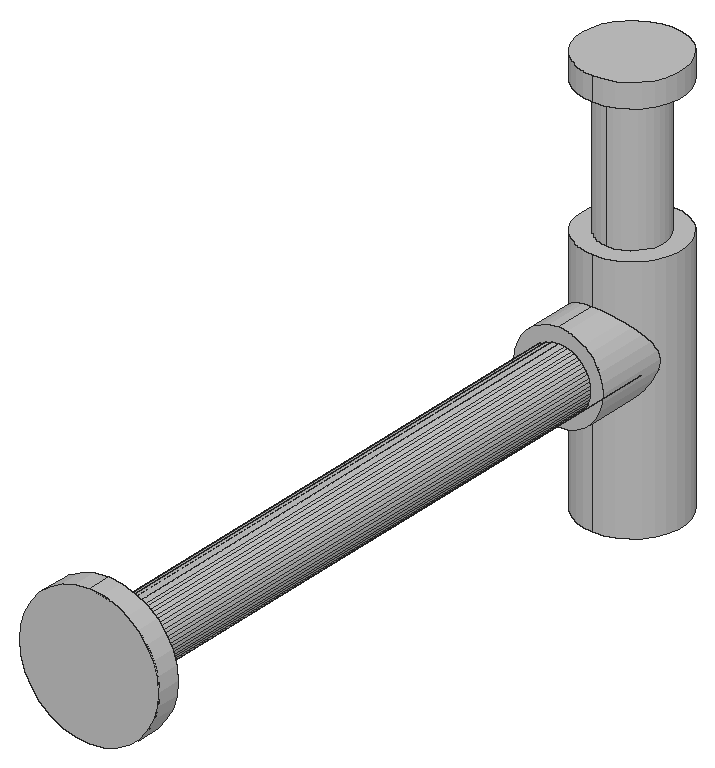
Revit family "PGR_Noken_SntryApplncTrps_Rondo", category Plumbing Fixtures, host Wall, Revit 2017
Family settings
  Host = Wall
  Round Connector Dimension = Use Diameter
  Part Type = Normal
  OmniClass Number = 23.45.55.11
  OmniClass Title = Sanitary Components
  Always vertical = Yes
  Cut with Voids When Loaded = No
  Shared = Yes
  Room Calculation Point = No
Parameters (values of type "Rondo-100067431")
  WaterInlet = "G 1-1/4\""
  WasteTrapType = "UNSET"
  WarrantyStartDate [instance] = "1900-12-31T23:59:59"
  WarrantyGuarantorParts = "bim.gp@porcelanosagrupo.com"
  WarrantyGuarantorLabor = "n/a"
  WarrantyDurationUnit = "year"
  WarrantyDurationParts = "n/a"
  WarrantyDurationLabor = "n/a"
  WarrantyDescription = "See ProductInformation for technical PDF"
  WFU = 1
  Version = "1"
  Uniclass2015Version = "V1_8"
  Uniclass2015Title = "Sanitary appliance traps"
  Uniclass2015Code = "Pr_65_52_25_75"
  URL = "www.noken.com"
  TechnicalDrawing = "See ProductInformation for technical PDF"
  TagNumber [instance] = "n/a"
  SustainabilityPerformance = "See ProductInformation for technical PDF"
  Status = "UNSET"
  Size = "65x330-380x145-255 mm"
  Shape = "n/a"
  SerialNumber [instance] = "n/a"
  Revision = "n/a"
  ReplacementCost = "n/a"
  Reference = "-"
  ProductInformation = "http://calidad.info-grupo.com:8081/GeneraFicha3/PDF?articulo=100067431&lang=EN&un=0"
  OutletConnectionSize = 32.00 mm
  NumberOfConnections = 2
  NominalWidth = 65.00 mm
  NominalLengthRange = "330-380"
  NominalLength = 380.00 mm
  NominalHeightRange = "145-255"
  NominalHeight = 255.00 mm
  NettWeight = 0.9
  Name = "SanitaryApplianceTraps_Rondo_Chrome-65x330-380x145-255mm-100067431"
  Offset [instance] = if(LengthTrap < 330.00 mm, 330.00 mm, if(LengthTrap > 380.00 mm, 380.00 mm, LengthTrap))  # 330.00 mm
  MaterialMetal = PGR_Noken_Brass_Chrome
  LengthTrap [instance] = 200.00 mm
  InletConnectionSize = 40.00 mm
  HeightTrap [instance] = 300.00 mm
  ConnectorHeight2 [instance] = if(HeightTrap < 145.00 mm, 21.00 mm, if(HeightTrap > 255.00 mm, 81.00 mm, (HeightTrap - 125.00 mm)))  # 81.00 mm
  NBSReference = "90-10-60/410"
  NBSDescription = "Sanitary appliance traps"
  ModelReference = "RONDO BOTTLE TRAP"
  ModelNumber = "100067431"
  Model = "100067431"
  Type Image = 100067431.jpg
  Height [instance] = 1000.00 mm
  Material = "Brass"
  ManufacturerURL = "www.noken.com"
  Manufacturer = "bim.gp@porcelanosagrupo.com"
  InstallationDate [instance] = "1900-12-31T23:59:59"
  IfcExportType = "WasteTrap"
  IfcExportAs = "IfcWasteTerminalType"
  Grade = "n/a"
  Finish = "Chrome plated"
  Features = "See ProductInformation for technical PDF"
  ExpectedLife = "n/a"
  DurationUnit = "year"
  Description = "Rondo Bottle trap. UK size 35 mm diameter. Material brass, finish chrome plated, nominal length 330-380 mm, nominal width 65 mm, nominal height 145-255 mm, net product weight 0,9 kg . Normative UNE EN 274"
  CreationDate = "2018/01"
  Constituents = "n/a"
  Color = "Chrome"
  Collection = "Rondo"
  CodePerformance = "EN 274"
  Category = "Pr_65_52_25_75: Sanitary appliance traps"
  BarCode [instance] = "n/a"
  BIMObjectName = "PGR_Noken_SanitaryApplianceTraps_Rondo_Chrome-65x330-380x145-255mm-100067431"
  Author = "Porcelanosa Grupo"
  AssetType = "Fixed"
  AssetIdentifier [instance] = "n/a"
  ApplicationType = "Basin"
  AccessibilityPerformance = "SeeProductInformation for technical PDF"
Reference planes
  plane 1 "Wall": y = 0
  plane 2: z = 0
  plane 3 "Back": y = 76.2
  plane 4: y = 88.2
  plane 5: y = 371.881
  plane 6 "Right": x = 399.507
  plane 7: z = 988
  plane 8: z = 919
  plane 9: z = 895.793
  plane 10: z = 850.793
  plane 11 "Bottom": z = 794
  plane 12 "Top": z = 1000
  plane 13: y = 408.881
  plane 14 "Center Inlet": y = 418.2
  plane 15 "Front": y = 443.2
  plane 16: y = 393.2
  plane 17 "Center (Left/Right)": x = 364.507
  plane 18 "Left": x = 329.507
Forms (mm)
  Extrusion 1, solid, material "PGR_Noken_Brass_Chrome" <- "MaterialMetal", detail levels medium+fine
    sketch origin (-1161.24, 301.948, 315) x (1, 0, 0) y (0, 1, 0)
      loop
        circle (1525.747, 116.252) r 25
    from 479 to 604
  Extrusion 2, solid, material "PGR_Noken_Brass_Chrome" <- "MaterialMetal", detail levels medium+fine
    sketch origin (-1161.24, 301.948, 315) x (1, 0, 0) y (0, 1, 0)
      loop
        circle (1525.747, 116.252) r 15.875
    from 604 to 673
  Extrusion 3, solid, material "PGR_Noken_Brass_Chrome" <- "MaterialMetal", detail levels medium+fine
    sketch origin (-1161.24, 301.948, 315) x (1, 0, 0) y (0, 1, 0)
      loop
        circle (1525.747, 116.252) r 25
    from 685 to 673
  Extrusion 4, solid, material "PGR_Noken_Brass_Chrome" <- "MaterialMetal", detail levels medium+fine
    sketch origin (364.507, 76.2, 693.601) x (0, 0, -1) y (1, 0, 0)
      loop
        circle (-179, 0) r 15.875
    from -295.681 to -12
  Extrusion 5, solid, material "PGR_Noken_Brass_Chrome" <- "MaterialMetal", detail levels medium+fine
    sketch origin (364.507, 124.377, 394.293) x (0, 0, -1) y (1, 0, 0)
      loop
        circle (-479, 0) r 22.5
    from -284.504 to -247.504
  Extrusion 6, solid, material "PGR_Noken_Brass_Chrome" <- "MaterialMetal"
    sketch origin (364.507, 76.2, 693.601) x (0, 0, -1) y (1, 0, 0)
      loop
        circle (-179, 0) r 35
    from -12 to 0
  Extrusion 7, solid, material "PGR_Noken_Brass_Chrome" <- "MaterialMetal", detail levels coarse+fine
    sketch origin (364.507, 76.2, 1213.171) x (0, 0, -1) y (1, 0, 0)
      loop
        circle (340.57, 0) r 15.875
    from -332.681 to -12
  Extrusion 8, solid, material "PGR_Noken_Brass_Chrome" <- "MaterialMetal", detail levels coarse
    sketch origin (-1161.24, 301.948, 794) x (0, 1, 0) y (1, 0, 0)
      loop
        circle (116.252, 1525.747) r 25
    from 0 to -206
Lines and regions (mm)
  Masking region 1, detail levels fine
    outline origin (399.507, 0, 0) x (0, -1, 0) y (0, 0, 1)
      loop
        line (-76.2, 907.601) -> (-88.2, 907.601) -> (-88.2, 888.476) -> (-371.881, 888.476) -> (-371.881, 895.793) -> (-393.2, 895.793) -> (-393.2, 919) -> (-402.325, 919) -> (-402.325, 988) -> (-393.2, 988) -> (-393.2, 1000) -> (-443.2, 1000) -> (-443.2, 988) -> (-434.075, 988) -> (-434.075, 919) -> (-443.2, 919) -> (-443.2, 794) -> (-393.2, 794) -> (-393.2, 850.793) -> (-371.881, 850.793) -> (-371.881, 856.682) -> (-88.2, 856.682) -> (-88.2, 837.601) -> (-76.2, 837.601) -> (-76.2, 907.601)
  Masking region 2, detail levels coarse+medium
    outline origin (-1524, 76.2, 0) x (-1, 0, 0) y (0, 0, 1)
      loop
        line (-1913.507, 1000) -> (-1913.507, 897.096)
        arc (-1913.507, 897.096) -> (-1923.507, 872.601) -> (-1913.507, 848.106) r 35
        line (-1913.507, 848.106) -> (-1913.507, 794) -> (-1863.507, 794) -> (-1863.507, 848.106)
        arc (-1863.507, 848.106) -> (-1853.507, 872.601) -> (-1863.507, 897.096) r 35
        line (-1863.507, 897.096) -> (-1863.507, 1000) -> (-1913.507, 1000)
  Masking region 3, detail levels fine
    outline origin (-1524, 76.2, 0) x (-1, 0, 0) y (0, 0, 1)
      loop
        line (-1913.507, 988) -> (-1903.507, 988) -> (-1903.507, 919) -> (-1913.507, 919) -> (-1913.507, 897.096)
        arc (-1913.507, 897.096) -> (-1923.507, 872.601) -> (-1913.507, 848.106) r 35
        line (-1913.507, 848.106) -> (-1913.507, 794) -> (-1863.507, 794) -> (-1863.507, 848.106)
        arc (-1863.507, 848.106) -> (-1853.507, 872.601) -> (-1863.507, 897.096) r 35
        line (-1863.507, 897.096) -> (-1863.507, 919) -> (-1873.507, 919) -> (-1873.507, 988) -> (-1863.507, 988) -> (-1863.507, 1000) -> (-1913.507, 1000) -> (-1913.507, 988)
  Masking region 4, detail levels coarse+medium
    outline origin (0, 0, 0) x (0, 1, 0) y (-1, 0, 0)
      loop
        line (76.2, -348.612) -> (76.2, -380.009) -> (398.587, -380.009)
        arc (398.587, -380.009) -> (426.406, -388.122) -> (443.2, -364.507) r 25
        arc (443.2, -364.507) -> (426.644, -340.976) -> (398.904, -348.612) r 25
        line (398.904, -348.612) -> (76.2, -348.612)
  Masking region 5, detail levels fine
    outline origin (0, 0, 0) x (0, 1, 0) y (-1, 0, 0)
      loop
        line (371.881, -348.612) -> (88.2, -348.612) -> (88.2, -329.507) -> (76.2, -329.507) -> (76.2, -399.507) -> (88.2, -399.507) -> (88.2, -380.009) -> (371.881, -380.009) -> (371.881, -387.007) -> (407.303, -387.007)
        arc (407.303, -387.007) -> (431.477, -385.69) -> (443.2, -364.507) r 25
        arc (443.2, -364.507) -> (431.477, -343.324) -> (407.303, -342.007) r 25
        line (407.303, -342.007) -> (371.881, -342.007) -> (371.881, -348.612)
  Masking region 6, detail levels coarse+medium
    outline origin (399.507, 0, 0) x (0, -1, 0) y (0, 0, 1)
      loop
        line (-76.2, 888.476) -> (-393.2, 888.476) -> (-393.2, 1000) -> (-443.2, 1000) -> (-443.2, 794) -> (-393.2, 794) -> (-393.2, 856.682) -> (-76.2, 856.682) -> (-76.2, 888.476)
  symbolic lines, detail levels fine
    curve 1: line (399.507, 402.325, 988) -> (399.507, 434.075, 988)
    curve 2: line (399.507, 402.325, 919) -> (399.507, 434.075, 919)
    curve 3: line (399.507, 393.2, 895.793) -> (399.507, 393.2, 856.682)
    curve 4: line (399.507, 393.2, 856.682) -> (399.507, 393.2, 850.793)
    curve 5: line (399.507, 371.881, 888.476) -> (399.507, 371.881, 856.726)
    curve 6: line (399.507, 88.2, 888.476) -> (399.507, 88.2, 856.726)
    curve 9: line (379.507, 76.2, 919) -> (348.632, 76.2, 919)
    curve 10: line (379.507, 76.2, 988) -> (349.507, 76.2, 988)
    curve 13: arc (387.007, 407.303, 0) -> (364.27, 393.201, 0) -> (341.805, 407.731, 0) r 25
    curve 14: line (380.009, 371.881, 0) -> (348.612, 371.881, 0)
    curve 15: line (348.612, 88.2, 0) -> (380.009, 88.2, 0)
  symbolic lines
    curve 7: line (389.507, 76.2, 848.106) -> (389.507, 76.2, 897.096)
    curve 8: line (339.507, 76.2, 897.096) -> (339.507, 76.2, 848.106)
  symbolic lines, detail levels coarse+medium
    curve 11: arc (364.507, 393.2, 0) -> (339.507, 418.2, 0) -> (364.507, 443.2, 0) r 25
    curve 12: arc (364.507, 443.2, 0) -> (389.507, 418.2, 0) -> (364.507, 393.2, 0) r 25
  model lines, style "InvisibleLines"
    curve 16: line (364.507, 393.2, 1000) -> (364.507, 443.2, 1000)
    curve 17: line (389.507, 418.2, 1000) -> (339.507, 418.2, 1000)
Text (mm)
  text "Interior" at (0, 1019.848, 3124.603), in view "Derecha"
  text "Interior" at (0, 1206.291, 3571.227), in view "Izquierda"
Dimensions and locks
  locked: plane 3 "Back" to plane 4 at 12
  plane 11 "Bottom" to plane 10 to plane 9 to plane 8 = 56.793 mm, 45.00 mm locked, 23.207 mm locked
  "Height": level to plane 12 "Top"
  locked: plane 7 to plane 12 "Top" at 12
  locked: plane 5 to plane 13 at 37
  plane 16 to plane 13 to plane 14 "Center Inlet" to plane 15 "Front" = 15.681 mm locked, 9.319 mm locked, 25.00 mm locked
  "ConnectorHeight2": plane 8 to plane 12 "Top"
  "Offset": plane 14 "Center Inlet" to plane 4
  equal spacing: plane 18 "Left", plane 17 "Center (Left/Right)", plane 6 "Right"
  locked: plane 18 "Left" to plane 6 "Right" at 70
  diameter of Extrusion 6 sketch curve = 70.00 mm
  aligned and locked: plane 3 "Back" to host wall
  aligned and locked: Extrusion 6 to host wall
  aligned and locked: Extrusion 5 to Extrusion 7
  aligned and locked: Extrusion 4 to Extrusion 5
  aligned and locked: Extrusion 4 to Extrusion 6
  aligned and locked: Extrusion 7 to Extrusion 4
  aligned and locked: plane 5 to Extrusion 5
  aligned and locked: Extrusion 6 to Extrusion 7
  aligned and locked: plane 3 "Back" to Extrusion 6
  aligned and locked: Extrusion 6 to plane 4
  aligned and locked: Masking region 4 sketch curve to host wall
  aligned and locked: plane 4 to curve 15
  aligned and locked: Extrusion 4 to plane 5
  aligned and locked: Extrusion 1 to plane 8
  aligned and locked: plane 9 to Masking region 1
  aligned and locked: Masking region 1 to plane 10
  aligned and locked: Extrusion 2 to plane 7
  aligned and locked: plane 8 to Extrusion 2
  aligned and locked: plane 11 "Bottom" to Extrusion 1
  aligned and locked: plane 11 "Bottom" to Extrusion 8
  aligned and locked: Extrusion 7 sketch curve to Extrusion 4  (x2)
  aligned and locked: Extrusion 3 to Extrusion 2
  aligned and locked: Extrusion 8 to Extrusion 3
  aligned and locked: Extrusion 5 to plane 13
  aligned and locked: plane 7 to curve 1
  aligned and locked: Extrusion 2 to plane 8
  aligned and locked: plane 12 "Top" to Extrusion 8
  aligned and locked: curve 17 to plane 14 "Center Inlet"
  aligned and locked: plane 16 to curve 16
  aligned and locked: plane 15 "Front" to curve 16
  aligned and locked: Masking region 6 sketch curve to host wall
  aligned and locked: Masking region 6 sketch curve to plane 12 "Top"
  aligned and locked: Masking region 6 sketch curve to plane 11 "Bottom"
  aligned and locked: plane 2 to level
Automatic sketch dimensions
  Extrusion 1 sketch curve to Extrusion 1 sketch curve = 25.00 mm
  Extrusion 2 sketch curve to Extrusion 2 sketch curve = 15.875 mm
  Extrusion 3 sketch curve to Extrusion 3 sketch curve = 25.00 mm
  Extrusion 4 sketch curve to Extrusion 4 sketch curve = 15.875 mm
  Extrusion 5 sketch curve to Extrusion 5 sketch curve = 22.50 mm
  Masking region 1 sketch curve to plane 5 = 0.00 mm  (x2)
  Masking region 1 sketch curve to plane 4 = 0.00 mm  (x2)
  Masking region 1 sketch curve to host wall = 0.00 mm
  Masking region 1 sketch curve to Masking region 1 sketch curve = 21.319 mm  (x2)
  Masking region 1 sketch curve to plane 5 = 21.319 mm
  Masking region 1 sketch curve to Masking region 1 sketch curve = 9.125 mm  (x2)
  Masking region 1 sketch curve to Masking region 1 sketch curve = 40.875 mm  (x2)
  Masking region 1 sketch curve to Masking region 1 sketch curve = 31.794 mm
  Masking region 1 sketch curve to Masking region 1 sketch curve = 5.89 mm
  Masking region 1 sketch curve to Masking region 1 sketch curve = 19.081 mm
  Masking region 1 sketch curve to Masking region 1 sketch curve = 56.793 mm
  curve 5 to plane 5 = 0.00 mm
  curve 6 to plane 4 = 0.00 mm
  curve 4 to plane 5 = 21.319 mm
  curve 1 to plane 5 = 30.444 mm
  curve 2 to curve 3 = 9.125 mm
  curve 2 to curve 2 = 31.75 mm
  curve 1 to curve 1 = 31.75 mm
  curve 3 to curve 5 = 0.044 mm
  curve 6 to curve 6 = 31.75 mm
  curve 4 to curve 3 = 5.89 mm
  plane 6 "Right" to Masking region 2 sketch curve = 10.00 mm  (x2)
  Masking region 2 sketch curve to Masking region 2 sketch curve = 50.00 mm  (x2)
  Masking region 2 sketch curve to Masking region 2 sketch curve = 0.00 mm  (x2)
  Masking region 2 sketch curve to Masking region 2 sketch curve = 25.00 mm
  Masking region 3 sketch curve to Masking region 3 sketch curve = 10.00 mm  (x3)
  plane 6 "Right" to Masking region 3 sketch curve = 10.00 mm  (x3)
  Masking region 3 sketch curve to Masking region 3 sketch curve = 30.00 mm
  Masking region 3 sketch curve to Masking region 3 sketch curve = 25.00 mm  (x2)
  Masking region 3 sketch curve to Masking region 3 sketch curve = 0.00 mm  (x2)
  plane 6 "Right" to curve 7 = 10.00 mm
  plane 6 "Right" to curve 10 = 20.00 mm
  plane 6 "Right" to curve 9 = 20.00 mm
  curve 10 to curve 10 = 30.00 mm
  curve 9 to curve 9 = 30.875 mm
  curve 7 to curve 8 = 50.00 mm
  plane 6 "Right" to Masking region 4 sketch curve = 19.498 mm
  Masking region 4 sketch curve to Masking region 4 sketch curve = 0.00 mm  (x3)
  Masking region 4 sketch curve to plane 5 = 26.706 mm
  Masking region 4 sketch curve to plane 5 = 27.022 mm
  Masking region 4 sketch curve to Masking region 4 sketch curve = 19.296 mm
  Masking region 4 sketch curve to Masking region 4 sketch curve = 15.502 mm
  Masking region 5 sketch curve to host wall = 0.00 mm
  plane 4 to Masking region 5 sketch curve = 0.00 mm  (x2)
  plane 5 to Masking region 5 sketch curve = 0.00 mm  (x2)
  Masking region 5 sketch curve to plane 6 "Right" = 0.00 mm
  plane 6 "Right" to Masking region 5 sketch curve = 19.498 mm
  Masking region 5 sketch curve to Masking region 5 sketch curve = 6.605 mm
  Masking region 5 sketch curve to Masking region 5 sketch curve = 19.105 mm
  plane 6 "Right" to Masking region 5 sketch curve = 12.50 mm
  Masking region 5 sketch curve to Masking region 5 sketch curve = 35.421 mm
  Masking region 5 sketch curve to Masking region 5 sketch curve = 10.897 mm  (x2)
  Masking region 5 sketch curve to Masking region 5 sketch curve = 0.00 mm
  Masking region 5 sketch curve to Masking region 5 sketch curve = 22.50 mm
  curve 16 to curve 16 = 50.00 mm
  curve 16 to curve 17 = 35.355 mm  (x2)
  curve 17 to curve 16 = 35.355 mm
  Extrusion 1 sketch curve to Extrusion 1 sketch curve = 0.00 mm  (x2)
  plane 6 "Right" to Extrusion 1 sketch curve = 35.00 mm
  Extrusion 1 sketch curve to plane 5 = 46.319 mm
  Extrusion 2 sketch curve to Extrusion 2 sketch curve = 0.00 mm  (x2)
  plane 6 "Right" to Extrusion 2 sketch curve = 35.00 mm
  Extrusion 2 sketch curve to plane 5 = 46.319 mm
  plane 6 "Right" to Extrusion 5 sketch curve = 35.00 mm
  Masking region 1 sketch curve to plane 8 = 0.00 mm
  plane 8 to Masking region 1 sketch curve = 0.00 mm
  plane 8 to Masking region 1 sketch curve = 11.399 mm
  plane 8 to curve 2 = 0.00 mm
  curve 9 to plane 8 = 0.00 mm
  Masking region 3 sketch curve to plane 8 = 0.00 mm  (x2)
  Extrusion 4 sketch curve to Extrusion 4 sketch curve = 0.00 mm  (x2)
  Extrusion 4 sketch curve to plane 10 = 21.808 mm
  plane 6 "Right" to Extrusion 4 sketch curve = 35.00 mm
  Extrusion 5 sketch curve to Extrusion 5 sketch curve = 0.00 mm
  Extrusion 5 sketch curve to plane 9 = 0.00 mm
  plane 11 "Bottom" to Masking region 1 sketch curve = 0.00 mm
  plane 9 to Masking region 1 sketch curve = 0.00 mm
  plane 10 to curve 4 = 0.00 mm
  plane 9 to curve 3 = 0.00 mm
  curve 6 to plane 10 = 5.933 mm
  plane 9 to curve 5 = 7.317 mm
  Masking region 2 sketch curve to plane 11 "Bottom" = 0.00 mm
  plane 10 to Masking region 2 sketch curve = 2.686 mm  (x2)
  Masking region 2 sketch curve to plane 10 = 21.808 mm
  curve 7 to plane 9 = 1.303 mm
  curve 8 to plane 9 = 1.303 mm
  plane 10 to curve 7 = 2.686 mm
  plane 10 to curve 8 = 2.686 mm
  Masking region 3 sketch curve to plane 11 "Bottom" = 0.00 mm
  plane 10 to Masking region 3 sketch curve = 2.686 mm  (x2)
  plane 9 to Masking region 3 sketch curve = 23.192 mm
  plane 7 to Masking region 1 sketch curve = 0.00 mm  (x2)
  Masking region 1 sketch curve to Masking region 1 sketch curve = 12.00 mm
  Masking region 2 sketch curve to plane 7 = 12.00 mm
  curve 10 to plane 7 = 0.00 mm
  Masking region 3 sketch curve to plane 7 = 0.00 mm  (x2)
  Masking region 3 sketch curve to plane 7 = 12.00 mm
  Extrusion 3 sketch curve to Extrusion 3 sketch curve = 0.00 mm  (x2)
  Extrusion 3 sketch curve to plane 13 = 9.319 mm
  plane 6 "Right" to Extrusion 3 sketch curve = 35.00 mm
  curve 17 to curve 16 = 25.00 mm
  curve 16 to curve 17 = 25.00 mm
  Masking region 6 sketch curve to plane 15 "Front" = 0.00 mm
  Masking region 6 sketch curve to plane 16 = 0.00 mm  (x2)
  Masking region 6 sketch curve to plane 10 = 5.89 mm
  plane 9 to Masking region 6 sketch curve = 7.317 mm
  Extrusion 6 sketch curve to plane 10 = 21.808 mm
  plane 6 "Right" to Extrusion 6 sketch curve = 35.00 mm
  curve 11 to curve 12 = 0.00 mm  (x2)
  curve 11 to curve 13 = 0.00 mm  (x2)
  curve 12 to curve 13 = 0.00 mm  (x2)
  plane 5 to curve 14 = 0.00 mm
  plane 16 to curve 11 = 0.00 mm
  plane 14 "Center Inlet" to curve 13 = 0.00 mm
  curve 11 to plane 17 "Center (Left/Right)" = 0.00 mm
  plane 13 to curve 13 = 1.579 mm
  plane 13 to curve 13 = 1.151 mm
  plane 17 "Center (Left/Right)" to curve 14 = 15.502 mm
  plane 17 "Center (Left/Right)" to curve 15 = 15.502 mm
  plane 6 "Right" to curve 13 = 12.50 mm
  curve 15 to plane 17 "Center (Left/Right)" = 15.895 mm
  curve 14 to plane 17 "Center (Left/Right)" = 15.895 mm
  radius of Extrusion 8 sketch curve to Extrusion 1 = 0.00 mm
Connectors
  piping at (364.507, 76.2, 872.601), diameter 32, driven by "WFU", driven by "OutletConnectionSize"
    settings: on Extrusion 6, index 1, connector inside diameter 609.6 mm, connector length 0.00 mm, flow factor 0, pipe flow 0.0 L/s, pressure drop 0.0 Pa, fitting loss kfactor 0, connector angle 0.00°, fixture units 1, engagement length 0.00 mm, angle of deflection 0.00°, flow configuration 3, flow direction 2, fitting loss method 0, system type 16, joint type 0, gender type 0, connector reference index -1, connector utility 0, adjustable connector no, is connector primary yes, connector description ""
